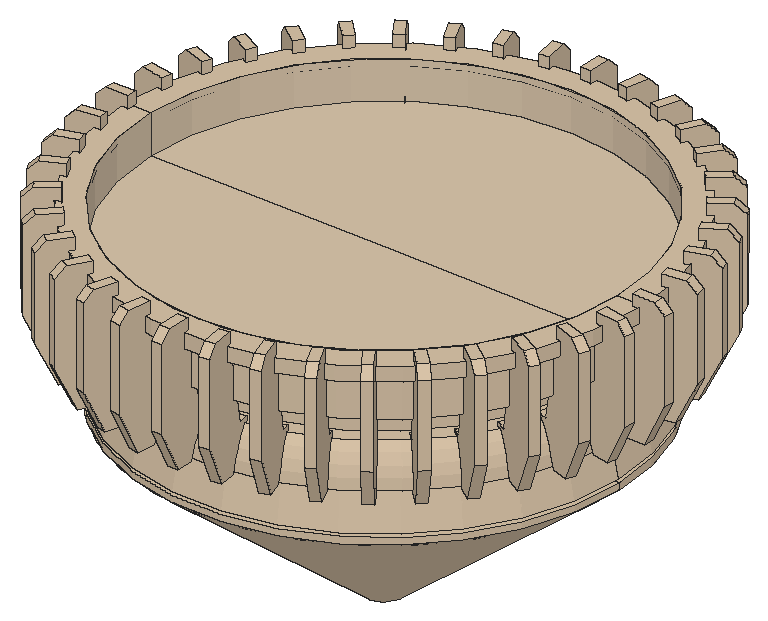
Revit family "KHL_Kemlux-Cone", category Lighting Fixtures, host Face, Revit 2013 (continued)
Definition of nested family "KHL"
  Automatic sketch dimensions
    Extrusion 39 sketch curve to Extrusion 39 sketch curve = 0' - 0.08345"
    Extrusion 40 sketch curve to Extrusion 40 sketch curve = 0' - 0 7/16"
    Extrusion 40 sketch curve to Extrusion 40 sketch curve = 0' - 0.13206"
    Extrusion 40 sketch curve to Extrusion 40 sketch curve = 0' - 0.295"
    Extrusion 40 sketch curve to Extrusion 40 sketch curve = 0' - 0.38321"
    Extrusion 40 sketch curve to Extrusion 40 sketch curve = 0' - 0.43044"
    Extrusion 40 sketch curve to Extrusion 40 sketch curve = 0' - 0.57179"
    Extrusion 40 sketch curve to Extrusion 40 sketch curve = 0' - 0 1/4"  (x2)
    Extrusion 40 sketch curve to Extrusion 40 sketch curve = 0' - 0.39395"
    Extrusion 40 sketch curve to Extrusion 40 sketch curve = 0' - 1.02515"
    Extrusion 40 sketch curve to Extrusion 40 sketch curve = 0' - 0.67103"
    Extrusion 40 sketch curve to Extrusion 40 sketch curve = 0' - 1.93305"
    Extrusion 40 sketch curve to Extrusion 40 sketch curve = 0' - 0.08345"
    Extrusion 41 sketch curve to Extrusion 41 sketch curve = 0' - 0 7/16"
    Extrusion 41 sketch curve to Extrusion 41 sketch curve = 0' - 0.13206"
    Extrusion 41 sketch curve to Extrusion 41 sketch curve = 0' - 0.295"
    Extrusion 41 sketch curve to Extrusion 41 sketch curve = 0' - 0.38321"
    Extrusion 41 sketch curve to Extrusion 41 sketch curve = 0' - 0.43044"
    Extrusion 41 sketch curve to Extrusion 41 sketch curve = 0' - 0.57179"
    Extrusion 41 sketch curve to Extrusion 41 sketch curve = 0' - 0 1/4"  (x2)
    Extrusion 41 sketch curve to Extrusion 41 sketch curve = 0' - 0.39395"
    Extrusion 41 sketch curve to Extrusion 41 sketch curve = 0' - 1.02515"
    Extrusion 41 sketch curve to Extrusion 41 sketch curve = 0' - 0.67103"
    Extrusion 41 sketch curve to Extrusion 41 sketch curve = 0' - 1.93305"
    Extrusion 41 sketch curve to Extrusion 41 sketch curve = 0' - 0.08345"
    Extrusion 42 sketch curve to Extrusion 42 sketch curve = 0' - 0 7/16"
    Extrusion 42 sketch curve to Extrusion 42 sketch curve = 0' - 0.13206"
    Extrusion 42 sketch curve to Extrusion 42 sketch curve = 0' - 0.295"
    Extrusion 42 sketch curve to Extrusion 42 sketch curve = 0' - 0.38321"
    Extrusion 42 sketch curve to Extrusion 42 sketch curve = 0' - 0.43044"
    Extrusion 42 sketch curve to Extrusion 42 sketch curve = 0' - 0.57179"
    Extrusion 42 sketch curve to Extrusion 42 sketch curve = 0' - 0 1/4"  (x2)
    Extrusion 42 sketch curve to Extrusion 42 sketch curve = 0' - 0.39395"
    Extrusion 42 sketch curve to Extrusion 42 sketch curve = 0' - 1.02515"
    Extrusion 42 sketch curve to Extrusion 42 sketch curve = 0' - 0.67103"
    Extrusion 42 sketch curve to Extrusion 42 sketch curve = 0' - 1.93305"
    Extrusion 42 sketch curve to Extrusion 42 sketch curve = 0' - 0.08345"
    Extrusion 43 sketch curve to Extrusion 43 sketch curve = 0' - 0 7/16"
    Extrusion 43 sketch curve to Extrusion 43 sketch curve = 0' - 0.13206"
    Extrusion 43 sketch curve to Extrusion 43 sketch curve = 0' - 0.295"
    Extrusion 43 sketch curve to Extrusion 43 sketch curve = 0' - 0.38321"
    Extrusion 43 sketch curve to Extrusion 43 sketch curve = 0' - 0.43044"
    Extrusion 43 sketch curve to Extrusion 43 sketch curve = 0' - 0.57179"
    Extrusion 43 sketch curve to Extrusion 43 sketch curve = 0' - 0 1/4"  (x2)
    Extrusion 43 sketch curve to Extrusion 43 sketch curve = 0' - 0.39395"
    Extrusion 43 sketch curve to Extrusion 43 sketch curve = 0' - 1.02515"
    Extrusion 43 sketch curve to Extrusion 43 sketch curve = 0' - 0.67103"
    Extrusion 43 sketch curve to Extrusion 43 sketch curve = 0' - 1.93305"
    Extrusion 43 sketch curve to Extrusion 43 sketch curve = 0' - 0.08345"
    Extrusion 1 sketch curve to Extrusion 1 sketch curve = 8' - 0"  (x2)
    curve 8 to plane 7 = 0' - 0.35927"
    level to curve 10 = 0' - 1 3/4"
    curve 1 to plane 3 "Center (Left/Right)" = 0' - 0"
    plane 7 to curve 5 = 0' - 0"
    curve 11 to plane 7 = 0' - 0.35927"
    curve 2 to plane 7 = 0' - 0.45302"
    curve 8 to curve 8 = 0' - 0.39073"
    curve 2 to curve 4 = 0' - 0.39073"
    curve 4 to curve 4 = 0' - 0 1/4"
    plane 7 to curve 10 = 0' - 0.75471"
    plane 7 to curve 7 = 0' - 0.72501"
    plane 7 to curve 11 = 0' - 0.6022"
    plane 7 to curve 12 = 0' - 0.39176"
    plane 5 to curve 12 = 0' - 0.25875"
    curve 9 to curve 9 = 0' - 1"
    curve 7 to curve 6 = 0' - 0.62254"
    curve 5 to curve 2 = 0' - 0.37746"
    Revolve 2 sketch curve to level = 0' - 0"
    Revolve 2 sketch curve to plane 3 "Center (Left/Right)" = 0' - 0"  (x2)
    plane 7 to Revolve 2 sketch curve = 0' - 0"  (x2)
    level to Revolve 2 sketch curve = 0' - 0.16729"
    Revolve 2 sketch curve to plane 7 = 0' - 0.23742"
    Revolve 2 sketch curve to Revolve 2 sketch curve = 0' - 0.39032"
    Revolve 2 sketch curve to plane 7 = 0' - 0.45302"
    Revolve 2 sketch curve to Revolve 2 sketch curve = 0' - 0.49031"
    Revolve 2 sketch curve to Revolve 2 sketch curve = 0' - 0.00969"
    Revolve 2 sketch curve to Revolve 2 sketch curve = 0' - 0.51192"
    Revolve 2 sketch curve to Revolve 2 sketch curve = 0' - 0.39073"
    Revolve 2 sketch curve to Revolve 2 sketch curve = 0' - 0 1/4"
    plane 7 to Revolve 2 sketch curve = 0' - 0.70329"
    Revolve 2 sketch curve to Revolve 2 sketch curve = 0' - 0.08271"
    Revolve 2 sketch curve to Revolve 2 sketch curve = 0' - 1 1/8"
    Revolve 2 sketch curve to Revolve 2 sketch curve = 0' - 0.72893"
    Revolve 2 sketch curve to Revolve 2 sketch curve = 0' - 0.37746"
    Revolve 2 sketch curve to Revolve 2 sketch curve = 0' - 0.62007"
    Revolve 2 sketch curve to Revolve 2 sketch curve = 0' - 0.3497"
    Revolve 2 sketch curve to Revolve 2 sketch curve = 0' - 5 13/16"
    level to curve 6 = 0' - 5.37007"
    curve 4 to curve 12 = 0' - 0.3497"
    curve 4 to curve 2 = 0' - 0.55259"
    curve 12 to curve 3 = 0' - 0.2029"
    Revolve 2 sketch curve to Revolve 2 sketch curve = 0' - 3 3/4"
Types (10): name | Wattage Comments | Wattage | Watt | Photometric Web File | Optics | Material Finish | built-in parameter 1150105 | Lumens | Lamp | built-in parameter 1150106 | Glass | built-in parameter 1150104 | Apparent Load
  (no name) | "43 Watts, 18 LEDs" | 43 W | 43 W | "KXL-18L-X-5K-5M.ies" | "Type V Square" | Hubbell - Tan | 345.6 (stored number, unit not read) | 4343 lm | "18 High Performanc LEDs" | 3.456 (stored number, unit not read) | Hubbell - White Glass | 9.3832 (stored number, unit not read) | 43 VA
  KHL-18L-X-5K-5M | "43 Watts, 18 LEDs" | 43 W | 43 W | "KXL-18L-X-5K-5M.ies" | "Type V Square" | Hubbell - Tan | 345.6 (stored number, unit not read) | 4343 lm | "18 High Performanc LEDs" | 3.456 (stored number, unit not read) | Hubbell - White Glass | 9.3832 (stored number, unit not read) | 43 VA
  KHL-18L-X-5K-5R | "43 Watts, 18 LEDs" | 43 W | 43 W | "KXL-18L-X-5K-5R.ies" | "Type V Rectangle" | none | 349.03 (stored number, unit not read) | 4386 lm | "18 High Performanc LEDs" | 3.4903 (stored number, unit not read) | none | 9.4761 (stored number, unit not read) | 43 VA
  KHL-18L-X-5K-N | "43 Watts, 18 LEDs" | 43 W | 43 W | "KXL-18L-X-5K-N.ies" | "Narrow" | none | 352.45 (stored number, unit not read) | 4429 lm | "18 High Performanc LEDs" | 3.5245 (stored number, unit not read) | none | 9.569 (stored number, unit not read) | 43 VA
  KHL-24L-X-5K-5M | "57 Watts, 24 LEDs" | 57 W | 57 W | "KXL-24L-X-5K-5M.ies" | "Type V Square" | none | 1765.2 (stored number, unit not read) | 5700 lm | "24 High Performanc LEDs" | 17.652 (stored number, unit not read) | none | 9.2903 (stored number, unit not read) | 57 VA
  KHL-24L-X-5K-5R | "57 Watts, 24 LEDs" | 57 W | 57 W | "KXL-24L-X-5K-5R.ies" | "Type V Rectangle" | none | 467.2 (stored number, unit not read) | 5871 lm | "24 High Performanc LEDs" | 4.672 (stored number, unit not read) | none | 9.569 (stored number, unit not read) | 57 VA
  KHL-24L-X-5K-N | "57 Watts, 24 LEDs" | 57 W | 57 W | "KXL-24L-X-5K-N.ies" | "Narrow" | none | 476.27 (stored number, unit not read) | 5985 lm | "24 High Performanc LEDs" | 4.7627 (stored number, unit not read) | none | 9.7548 (stored number, unit not read) | 57 VA
  KHL-36L-X-5K-5M | "86 Watts, 36 LEDs" | 86 W | 86 W | "KXL-36L-X-5K-5M.ies" | "Type V Square" | none | 677.52 (stored number, unit not read) | 8514 lm | "36 High Performanc LEDs" | 6.7752 (stored number, unit not read) | none | 9.1974 (stored number, unit not read) | 86 VA
  KHL-36L-X-5K-5R | "86 Watts, 36 LEDs" | 86 W | 86 W | "KXL-36L-X-5K-5R.ies" | "Type V Rectangle" | none | 698.05 (stored number, unit not read) | 8772 lm | "36 High Performanc LEDs" | 6.9805 (stored number, unit not read) | none | 9.4761 (stored number, unit not read) | 86 VA
  KHL-36L-X-5K-N | "86 Watts, 36 LEDs" | 86 W | 86 W | "KXL-36L-X-5K-N.ies" | "Type V Rectangle" | none | 718.58 (stored number, unit not read) | 9030 lm | "36 High Performanc LEDs" | 7.1858 (stored number, unit not read) | none | 9.7548 (stored number, unit not read) | 86 VA
